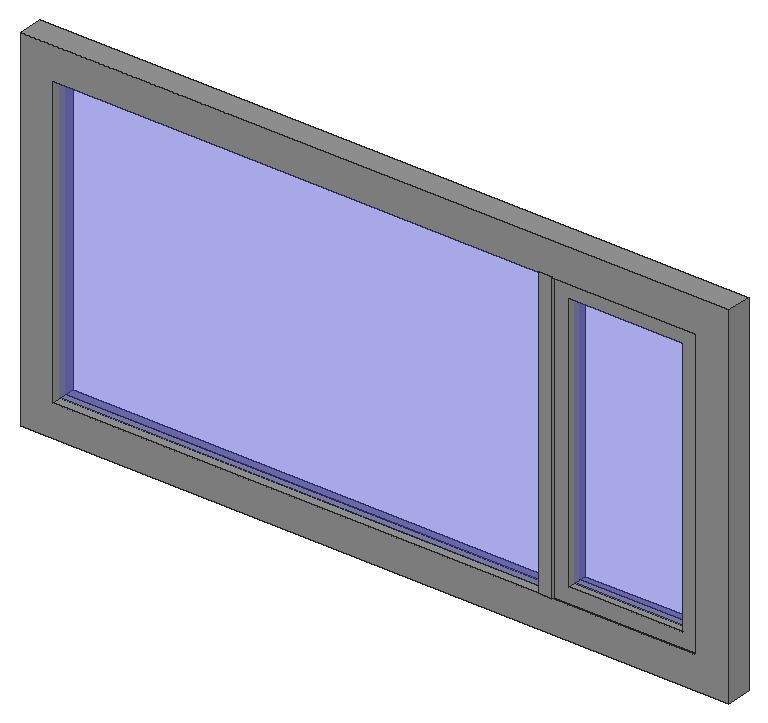
Revit family "Family24", category Windows, host Wall, Revit 2018
Family settings
  Host = Wall
  OmniClass Number = 23.30.20.00
  OmniClass Title = Windows
  Always vertical = Yes
  Cut with Voids When Loaded = No
  Shared = No
  Room Calculation Point = No
Parameters
  Window Frame = White
  Visual Light Transmittance = 0.81
  URL = "www.skywardwindows.co.za"
  Thermal Resistance (R) = 0.3196 (m²·K)/W
  Telephone = "021 276 1800"
  Solar Heat Gain Coefficient = 0.76
  Manufacturer = "Skyward Windows"
  Height = 1190 mm
  Heat Transfer Coefficient (U) = 3.1292 W/(m²·K)
  Glass Thickness = 4 mm
  Glass = Glass
  Frame Width = 46.195 mm
  Email Address = "info@skywardwindows.co.za"
  Default Sill Height = 800 mm
  Wall Closure = By host
  Width = 2390 mm
  Company Address = "Charles Matthews Street Atlantis 7349"
  Analytic Construction = "Double glazing - domestic"
Reference planes
  plane 1 "Center (Front/Back)": y = 0
  plane 2 "Center (Left/Right)": x = 0
  plane 3 "Left": x = -1195
  plane 4 "Right": x = 1195
  plane 5 "Sill": z = 800
  plane 6 "Head": z = 1990
  plane 7 "Exterior": y = 100
  plane 8 "Interior": y = -100
Forms (mm)
  Extrusion 1, solid, material "White" <- "Window Frame"
    sketch origin (0, -100, 0) x (1, 0, 0) y (0, 0, 1)
      loop
        line (-1195, 1990) -> (-1195, 800) -> (1195, 800) -> (1195, 1990) -> (-1195, 1990)
      loop
        line (-1086, 909) -> (1086, 909) -> (1086, 1881) -> (-1086, 1881) -> (-1086, 909)
    from -142 to -58
  Extrusion 2, solid, material "White" <- "Window Frame"
    sketch origin (0, -100, 0) x (1, 0, 0) y (0, 0, 1)
      loop
        line (600, 1881) -> (600, 909) -> (1086, 909) -> (1086, 1881) -> (600, 1881)
      loop
        line (650, 1831) -> (650, 959) -> (1036, 959) -> (1036, 1831) -> (650, 1831)
    from -134.904 to -64.489
  Extrusion 3, solid, material "White" <- "Window Frame"
    sketch origin (300, -100, 0) x (1, 0, 0) y (0, 0, 1)
      loop
        line (300, 1881) -> (253.805, 1881) -> (253.805, 909) -> (300, 909) -> (300, 1881)
    from -142 to -58
  Extrusion 4, solid, material "Glass" <- "Glass"
    sketch origin (0, 0, 0) x (1, 0, 0) y (0, 1, 0)
      loop
        line (-1086, 14) -> (-1086, 10) -> (553.805, 10) -> (553.805, 14) -> (-1086, 14)
      loop
        line (553.805, -14) -> (553.805, -10) -> (-1086, -10) -> (-1086, -14) -> (553.805, -14)
    from 909 to 1881
  Extrusion 5, solid, material "Glass" <- "Glass"
    sketch origin (0, 0, 0) x (1, 0, 0) y (0, 1, 0)
      loop
        line (650, 14) -> (650, 10) -> (1036, 10) -> (1036, 14) -> (650, 14)
      loop
        line (1036, -14) -> (1036, -10) -> (650, -10) -> (650, -14) -> (1036, -14)
    from 959 to 1831
Lines and regions (mm)
  Opening 1
    outline origin (3500, -100, 0) x (1, 0, 0) y (0, 0, 1)
      loop
        line (-2305, 800) -> (-2305, 1990) -> (-4695, 1990) -> (-4695, 800) -> (-2305, 800)
Text (mm)
  text "EXTERIOR" at (-1963.203, 1332.353, 0), in view "Ref. Level"
  text "INTERIOR" at (-1981.466, -818.386, 0), in view "Ref. Level"
  text "Exterior" at (0, 923.751, 2943.296), in view "Right"
  text "Exterior" at (0, 1040.484, 2685.409), in view "Left"
Dimensions and locks
  equal spacing: plane 3 "Left", plane 2 "Center (Left/Right)", plane 4 "Right"
  "Width": plane 3 "Left" to plane 4 "Right"
  "Height": plane 5 "Sill" to plane 6 "Head"
  "Default Sill Height": plane 5 "Sill" to level
  locked: plane 7 "Exterior" to host wall at 0
  locked: plane 8 "Interior" to host wall
  "Glass Thickness": Extrusion 4 to Extrusion 4
  "Glass Thickness": Extrusion 5 to Extrusion 5
  aligned and locked: Extrusion 1 sketch curve to host wall  (x4)
Automatic sketch dimensions
  Opening 1 sketch curve to plane 3 "Left" = 0 mm
  Opening 1 sketch curve to plane 4 "Right" = 0 mm
  Opening 1 sketch curve to plane 5 "Sill" = 0 mm
  Opening 1 sketch curve to plane 6 "Head" = 0 mm
  Extrusion 1 sketch curve to plane 3 "Left" = 109 mm
  plane 4 "Right" to Extrusion 1 sketch curve = 109 mm
  Extrusion 1 sketch curve to plane 5 "Sill" = 109 mm
  plane 6 "Head" to Extrusion 1 sketch curve = 109 mm
  Extrusion 2 sketch curve to plane 5 "Sill" = 109 mm
  Extrusion 2 sketch curve to plane 2 "Center (Left/Right)" = 600 mm
  Extrusion 2 sketch curve to Extrusion 2 sketch curve = 50 mm  (x4)
  plane 4 "Right" to Extrusion 2 sketch curve = 159 mm
  plane 6 "Head" to Extrusion 2 sketch curve = 159 mm
  Extrusion 3 sketch curve to Extrusion 3 sketch curve = 46.195 mm
  Extrusion 3 sketch curve to plane 5 "Sill" = 109 mm
  plane 6 "Head" to Extrusion 3 sketch curve = 109 mm
  Extrusion 3 sketch curve to plane 2 "Center (Left/Right)" = 553.805 mm
  Extrusion 4 sketch curve to host wall = 14 mm
  Extrusion 4 sketch curve to plane 3 "Left" = 109 mm
  Extrusion 4 sketch curve to Extrusion 4 sketch curve = 0 mm  (x2)
  Extrusion 4 sketch curve to plane 2 "Center (Left/Right)" = 553.805 mm
  host wall to Extrusion 4 sketch curve = 10 mm
  Extrusion 4 sketch curve to Extrusion 4 sketch curve = 4 mm  (x2)
  Extrusion 5 sketch curve to host wall = 14 mm
  Extrusion 5 sketch curve to plane 2 "Center (Left/Right)" = 650 mm
  Extrusion 5 sketch curve to Extrusion 5 sketch curve = 0 mm  (x2)
  plane 4 "Right" to Extrusion 5 sketch curve = 159 mm
  host wall to Extrusion 5 sketch curve = 10 mm
  Extrusion 5 sketch curve to Extrusion 5 sketch curve = 4 mm  (x2)
